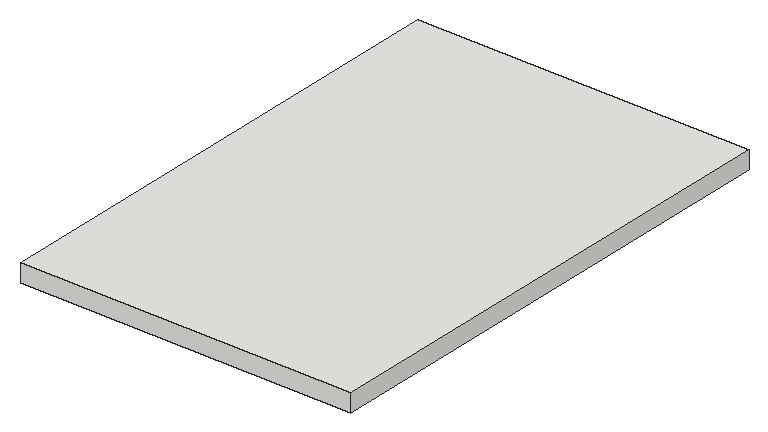
Revit family "SURVIVOR069xxWS8xxSx", category Leuchten, Revit 2024
Family settings
  Basisbauteil = Fläche
  Bemaßung runder Anschluss = Durchmesser verwenden
  Teiletyp = Normal
  OmniClass-Nummer = 23.80.70.11
  OmniClass-Titel = Luminaries for Internal Lighting
  Beim Laden mit Abzugskörper schneiden = Nein
  Lichtquelle = Ja
  Beschriftungsausrichtung beibehalten = Nein
  Gemeinsam genutzt = Nein
  Raumberechnungspunkt = Nein
Parameters (values of type "SURVIVOR069NDWS840S0250-RF")
  width = 240 mm  # constant formula
  weight = "6.2"
  voltage type (AC, DC, UC) = "AC"
  rated input power = 18
  product name = "SURVIVOR069NDWS840S0250-RF"
  nominal voltage = "230"
  nominal frequency = "50-60Hz"
  length = 690 mm  # constant formula
  ingress protection (IP) code = "IP65"
  height = 73 mm  # constant formula
  electrical safety class = "1"
  control gear = ""
  conformity mark = "CE"  # constant formula
  brand = "RIDI"
  approval mark = ""
  built-in parameter 1150104 = 13.8 (stored number, unit not read)
  Wattage = 17.5035 W
  Von Breite des Rechtecks ausssenden = 618 mm
  Von Länge des Rechtecks aussenden = 181 mm  # constant formula
  Default Elevation = 0 mm
  built-in parameter 1150113 = 1 (stored number, unit not read)
  built-in parameter 1114218 = 1 (stored number, unit not read)
  URL = "www.ridi.de"
  built-in parameter 1150134 = 12
  built-in parameter 1150109 = 1 (stored number, unit not read)
  built-in parameter 1150110 = 1 (stored number, unit not read)
  Apparent Load = 18 VA
  Tilt Angle = 90.00°
  Modell = "0622207//420"
  built-in parameter 1114217 = 1 (stored number, unit not read)
  built-in parameter 1150139 = (empty or 0)
  built-in parameter 1150105 = 206.9 (stored number, unit not read)
  built-in parameter 1150114 = 1 (stored number, unit not read)
  Lumens = 2600 lm
  built-in parameter 1150115 = 1 (stored number, unit not read)
  built-in parameter 1150112 = 1 (stored number, unit not read)
  Lampe = "LED"
  Hersteller = "RIDI Leuchten GmbH"  # constant formula
  Dimming Lamp Color Temperature Shift = (empty or 0)
  Color Filter = 16777215
  built-in parameter 1150133 = 10 (stored number, unit not read)
  Emit Shape Visible in Rendering = no
  built-in parameter 1150137 = (empty or 0)
  built-in parameter 1150132 = 2
  Datei für fotometrisches Netz = "SURVIVOR160DAWS840S0700.IES"
  Copyright = "© RIDI. All rights reserved."  # constant formula
  built-in parameter 1150106 = 2.069 (stored number, unit not read)
  Baugruppenkennzeichen = "D5020200"
  built-in parameter 1150107 = 4000 (stored number, unit not read)
  built-in parameter 1150102 = (empty or 0)
  built-in parameter 1150138 = (empty or 0)
Types (5, lengths in mm): name | rated input power | product name | Wattage | built-in parameter 1150134 | Apparent Load | Modell | built-in parameter 1150105 | Lumens | built-in parameter 1150106 | built-in parameter 1150107
  (no name) | 18 | "SURVIVOR069NDWS840S0250-RF" | 17.5035 W | 12 | 18 VA | "0622207//420" | 206.9 (stored number, unit not read) | 2600 lm | 2.069 (stored number, unit not read) | 4000 (stored number, unit not read)
  SURVIVOR069DAWS830S0250 | 19 | "SURVIVOR069DAWS830S0250" | 17.5035 W | (empty or 0) | 19 VA | "0632203" | 206.9 (stored number, unit not read) | 2600 lm | 2.069 (stored number, unit not read) | 3000 (stored number, unit not read)
  SURVIVOR069NDWS830S0250-RF | 18 | "SURVIVOR069NDWS830S0250-RF" | 16.8303 W | (empty or 0) | 18 VA | "0622203//420" | 198.94 (stored number, unit not read) | 2500 lm | 1.9894 (stored number, unit not read) | 3000 (stored number, unit not read)
  SURVIVOR069DAWS840S0250 | 19 | "SURVIVOR069DAWS840S0250" | 18.446 W | 12 | 19 VA | "0632207" | 218.04 (stored number, unit not read) | 2740 lm | 2.1804 (stored number, unit not read) | 4000 (stored number, unit not read)
  SURVIVOR069NDWS840S0250-RF | 18 | "SURVIVOR069NDWS840S0250-RF" | 17.5035 W | 12 | 18 VA | "0622207//420" | 206.9 (stored number, unit not read) | 2600 lm | 2.069 (stored number, unit not read) | 4000 (stored number, unit not read)
Reference planes
  plane 1 "Mitte (Vorne/hinten)": y = 0
  plane 2: z = 0
  plane 3 "Mitte (Links/rechts)": x = 0
  plane 4: z = 1200
Forms (mm)
  Extrusion 1, solid
    sketch origin (219.2, 280.8, 0) x (1, 0, 0) y (0, 1, 0)
      loop
        line (-1219.2, 1219.2) -> (-1219.2, -1780.8) -> (780.8, -1780.8) -> (780.8, 1219.2) -> (-1219.2, 1219.2)
    from 0 to -107.307
Dimensions and locks
  plane 4 to Extrusion 1 = 1200 mm
  aligned and locked: plane 2 to Extrusion 1
  aligned and locked: level to Extrusion 1
Connectors
  electrical at (-52.76, 315.65, 2.235), driven by "Apparent Load"
    settings: on import instance, index 1, voltage 230 V, apparent load 0 VA, apparent load phase1 18 VA, apparent load phase2 0 VA, apparent load phase3 0 VA, power factor 1, load classification "Lighting", number of poles 1, system type 31, power factor state 1, is connector primary yes, connector utility no, sub classification motor no, connector description ""
